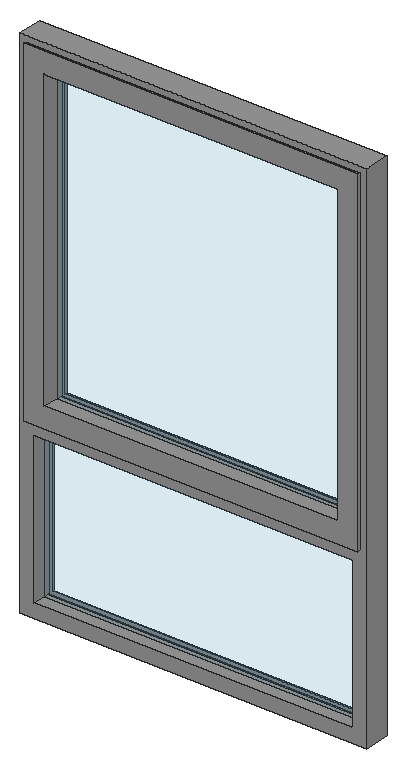
Revit family "Kawneer_Window_GT70s_Pos002", category Windows, host Wall, Revit 2020
Family settings
  Host = Wall
  OmniClass Number = 23.30.20.00
  OmniClass Title = Windows
  Always vertical = Yes
  Cut with Voids When Loaded = No
  Shared = No
  Room Calculation Point = No
Parameters (values of type "1000mm(w)x1500mm(h)")
  _ObjectUserGuide = "www.bimstore.co.uk"
  _DistributedBy = "www.bimstore.co.uk"
  _CurrentRevision = 1
  _CreatedBy = "https://www.bimstore.co/"
  _BimSpecGuid = 0
  _BSBibleVersion = 16
  _AuthorizedBy = "bimstore"
  _Author = "BS"
  WarrantyStartDate [instance] = "Please record on commissioning."
  WarrantyGuarantorParts = "kuk.kawneer@arconic.com"
  WarrantyGuarantorLabor = "kuk.kawneer@arconic.com"
  WarrantyDurationUnit = "Years"
  WarrantyDurationParts = "n/a"
  WarrantyDurationLabor = "n/a"
  WarrantyDescription = "Kawneer Lifetime Guarantee"
  WallThickness [instance] = 300 mm
  URL = "https://www.kawneer.com"
  TypeName = Model  # "GT70s - Pos 002"
  Type Comments = "1000mm(w)x1500mm(h)"
  TopPanel = 600 mm
  SpareParts = "n/a"
  Size = Type Comments  # "1000mm(w)x1500mm(h)"
  Shape = "Rectangle"
  SerialNumber [instance] = "Please record on commissioning."
  Rough Width = system length 1  # 1000 mm
  Rough Height = system length 2  # 1500 mm
  ReplacementCost = "n/a"
  ReferencedStandard = "n/a"
  ProductionYear = "2022"
  OffsetOutward [instance] = if(ExternalRevealDepth > 0 mm, 0 mm, 0 mm - ExternalRevealDepth)  # 0 mm
  OffsetInward [instance] = if(OffsetOutward = 0 mm, ExternalRevealDepth, 0 mm)  # 30 mm
  NominalLength = system length 1  # 1000 mm
  NominalHeight = system length 2  # 1500 mm
  NominalDepth = FrameDepth  # 72 mm
  NBSReference = "45-25-99/310"
  NBSOfficeMasterTag = "n/a"
  NBSObjectName = "Kawneer - Aluminium window units"
  NBSNote = "n/a"
  NBSDescription = "Aluminium window units"
  ModelReference = Type Comments  # "1000mm(w)x1500mm(h)"
  ModelNumber = Model  # "GT70s - Pos 002"
  Model = "GT70s - Pos 002"
  Material = "Aluminium"
  ManufacturerName = "Kawneer UK Limited"
  Manufacturer = "Kawneer UK Limited"
  Keynote = "L10/330"
  JambTolerance = 0 mm
  IronmongeryMaterial [instance] = Aluminum
  InternalRevealThickness = 5 mm
  InternalRevealDepth [instance] = WallThickness - ExternalRevealDepth - FrameDepth  # 198 mm
  InstallationDate [instance] = "Please record on commissioning."
  IfcExportType = "IfcWindowTypeEnum.WINDOW"
  IfcExportAs = "IfcWindow"
  system length 2 = 1500 mm
  HeadTolerance = 0 mm
  HasCill [instance] = no
  Grade = "n/a"
  GlazingThickness = 28 mm  # constant formula
  GlazingMaterial [instance] = Kawneer Glass
  GlassThickness = 6 mm  # constant formula
  GlassOffset_EXT = 7 mm  # constant formula
  FrameWidth = 79 mm  # constant formula
  FrameMaterial [instance] = Aluminum
  Finish = "PPC"
  Features = "n/a"
  ExternalRevealDepth [instance] = 30 mm
  ExpectedLife = 0
  DurationUnit = "Years"
  DocumentationTechnical = "n/a"
  DocumentationMaintenance = "n/a"
  DocumentationLiterature = "https://www.kawneer.com"
  DocumentationInstallationGuide = "n/a"
  DocumentationCertificates = "n/a"
  Description = "Window"
  FrameDepth = 72 mm  # constant formula
  Default Cill Height = 800 mm
  Wall Closure = By host
  system length 1 = 1000 mm
  CreatedOn = "12-09.2022 T09:00:00"
  CreatedBy = "kuk.kawneer@arconic.com"
  Constituents = "n/a"
  Color = "n/a"
  CodePerformance = "n/a"
  ClassificationValue = "Pr_30_59_98_02"
  ClassificationName = "Uniclass2015"
  CillHeight [instance] = if(HasCill, 30 mm, 0 mm)  # 0 mm
  BottomPanel = 500 mm
  BarCode [instance] = "Please record on commissioning."
  BIMObjectName = "Kawneer_Window_GT70s_Pos002"
  AssetType = "Fixed"
  AssetIdentifier [instance] = "n/a"
  Assembly Code = "B2020100"
  AccessibilityPerformance = "n/a"
Values of the unnamed type that differ from the named types
  Wall Closure = (empty or 0)
Reference planes
  plane 1 "Center (Front/Back)": y = 0
  plane 2 "Center (Left/Right)": x = 0
  plane 3 "Left": x = -500
  plane 4 "Right": x = 500
  plane 5 "Sill": z = 800
  plane 6 "Head": z = 2300
  plane 7 "Exterior": y = 150
  plane 8 "Interior": y = -150
  plane 9 "Front": y = 120
  plane 10 "Frame Rear": y = 48
  plane 11 "Base": z = 800
  plane 12 "Offset Inward": y = 120
  plane 13: x = -495
  plane 14: x = 495
  plane 15 "7": z = 2295
  plane 16 "Int Wrap": y = 48
  plane 17 "CL": z = 1550
  plane 18 "JAMB TOL A": x = -500
  plane 19 "JAMB TOL B": x = 500
  plane 20 "HEAD TOL": z = 2300
  plane 21 "HEAD TOL E": z = 2221
  plane 22 "HEAD TOL F": z = 879
  plane 23 "Handle Int": y = 48
Forms (mm)
  Extrusion 1, void
    sketch origin (0, 0, 0) x (1, 0, 0) y (0, 1, 0)
      loop
        line (-495, 48) -> (-495, -150) -> (495, -150) -> (495, 48) -> (-495, 48)
    from 800 to 2295
  Extrusion 2, void
    sketch origin (0, 0, 0) x (1, 0, 0) y (0, 1, 0)
      loop
        line (-500, 150) -> (-500, 48) -> (500, 48) -> (500, 150) -> (-500, 150)
    from 800 to 2300
Lines and regions (mm)
  Masking region 1
    outline origin (-500, 0, 0) x (0, -1, 0) y (0, 0, 1)
      loop
        line (150, 2300) -> (-48, 2300) -> (-48, 2295) -> (150, 2295) -> (150, 2300)
Text (mm)
  text "EXTERIOR" at (-1963.203, 1332.353, 0), in view "Ref. Level"
  text "INTERIOR" at (-1981.466, -818.386, 0), in view "Ref. Level"
  text "Exterior" at (0, 923.751, 2943.296), in view "Right"
  text "Exterior" at (0, 1040.484, 2685.409), in view "Left"
Dimensions and locks
  equal spacing: plane 3 "Left", plane 2 "Center (Left/Right)", plane 4 "Right"
  "system length 1": plane 3 "Left" to plane 4 "Right"
  "system length 2": plane 5 "Sill" to plane 6 "Head"
  "Default Cill Height": plane 5 "Sill" to level
  locked: plane 7 "Exterior" to host wall
  locked: plane 8 "Interior" to host wall
  "FrameDepth": plane 9 "Front" to plane 10 "Frame Rear"
  "OffsetInward": plane 12 "Offset Inward" to plane 7 "Exterior"
  "OffsetOutward": plane 9 "Front" to plane 12 "Offset Inward"
  "InternalRevealThickness": plane 3 "Left" to plane 13
  "InternalRevealThickness": plane 14 to plane 4 "Right"
  "InternalRevealThickness": plane 6 "Head" to plane 15 "7"
  "InternalRevealDepth": plane 8 "Interior" to plane 16 "Int Wrap"
  "WallThickness": host wall to host wall
  equal spacing: plane 5 "Sill", plane 17 "CL", plane 6 "Head"
  "JambTolerance": plane 19 "JAMB TOL B" to plane 4 "Right"
  "JambTolerance": plane 3 "Left" to plane 18 "JAMB TOL A"
  "HeadTolerance": plane 20 "HEAD TOL" to plane 6 "Head"
  "FrameWidth": plane 21 "HEAD TOL E" to plane 20 "HEAD TOL"
  "FrameWidth": plane 11 "Base" to plane 22 "HEAD TOL F"
  "CillHeight": plane 5 "Sill" to plane 11 "Base"
  locked: plane 9 "Front" to plane 23 "Handle Int" at 72
  aligned and locked: Extrusion 1 sketch curve to plane 16 "Int Wrap"
  aligned and locked: Extrusion 1 sketch curve to plane 13
  aligned and locked: Extrusion 1 sketch curve to plane 14
  aligned and locked: Extrusion 1 sketch curve to plane 8 "Interior"
  aligned and locked: Extrusion 1 to plane 15 "7"
  aligned and locked: plane 5 "Sill" to Extrusion 1
  aligned and locked: Extrusion 2 sketch curve to plane 3 "Left"
  aligned and locked: plane 4 "Right" to Extrusion 2 sketch curve
  aligned and locked: plane 16 "Int Wrap" to Extrusion 2 sketch curve
  aligned and locked: Extrusion 2 to plane 6 "Head"
  aligned and locked: plane 5 "Sill" to Extrusion 2
  aligned and locked: plane 7 "Exterior" to Extrusion 2 sketch curve
  aligned and locked: plane 16 "Int Wrap" to Masking region 1 sketch curve
  aligned and locked: plane 15 "7" to Masking region 1 sketch curve
  aligned and locked: Masking region 1 sketch curve to plane 6 "Head"
  aligned and locked: host wall to Masking region 1 sketch curve
  aligned and locked: nested 1 to plane 20 "HEAD TOL"
  aligned and locked: nested 1 to plane 11 "Base"
  aligned and locked: nested 1 to plane 19 "JAMB TOL B"
  aligned and locked: plane 18 "JAMB TOL A" to nested 1
  aligned and locked: plane 9 "Front" to nested 1
Nested families
  nested 1: "Kawneer_GT70s_Pos002" at (500, 120, 1550) x (-1, 0, 0) z (0, 0, 1), FrameMaterial <- "FrameMaterial", GlassMaterial <- "GlazingMaterial", type ""
    with Width 1000 mm, Height 1500 mm, GlassMaterial Kawneer Glass, FrameMaterial Aluminum
Definition of nested family "Kawneer_GT70s_Pos002"
  Parameters (values of type "Kawneer_GT70s_Pos002")
    Width [instance] = 1000 mm
    TopPanel = 600 mm
    Offset = 0 mm
    Height [instance] = 1500 mm
    GlassMaterial [instance] = none
    GPane = 6 mm
    FrameMaterial [instance] = none
    Default Elevation = 0 mm
    BottomPanel = 500 mm
  Reference planes
    plane 1 "Center (Front/Back)": y = 0
    plane 2: z = 0
    plane 3 "Center (Left/Right)": x = 0
    plane 4 "Frame Front": y = 0
    plane 5 "Frame": y = 72
    plane 6: x = 1000
    plane 7: z = 750
    plane 8: z = -750
    plane 9 "Glass Front": y = 7
    plane 10: y = 13
    plane 11: y = 29
    plane 12: y = 35
    plane 13 "CL": x = 500
    plane 14: x = 67
    plane 15: x = 933.002
    plane 16: z = 683.002
    plane 17: z = -721
    plane 18: z = -250
    plane 19: z = -195.002
    plane 20: z = -267
    plane 21: x = 971
    plane 22: x = 29
    plane 23: z = 244
  Forms (mm)
    Extrusion 1, solid, material <- "GlassMaterial"
      sketch origin (0, 0, 0) x (1, 0, 0) y (0, 1, 0)
        loop
          line (67, 35) -> (67, 29) -> (933.002, 29) -> (933.002, 35) -> (67, 35)
        loop
          line (67, 13) -> (67, 7) -> (933.002, 7) -> (933.002, 13) -> (67, 13)
      from -195.002 to 683.002
    Sweep 2, solid, material <- "FrameMaterial"
      path origin (0, 0, 0) x (-1, 0, 0) y (0, 0, 1)
        loop
          line (0, -267) -> (0, 750) -> (-1000, 750) -> (-1000, -267)
      profile "Kawneer_GT70s_JambFixed_Profile : Kawneer_GT70s_JambFixed_Profile" origin (1000, 0, 241.5) x (-1, 0, 0) y (0, 1, 0)
        loop
          line (0, 72) -> (0, 0) -> (39, 0) -> (39, 4) -> (24, 4) -> (24, 72) -> (0, 72)
    Sweep 3, solid, material <- "FrameMaterial"
      path origin (0, 7, 0) x (-1, 0, 0) y (0, 0, 1)
        loop
          line (-933.002, 683.002) -> (-933.002, -195.002) -> (-67, -195.002) -> (-67, 683.002) -> (-933.002, 683.002)
      profile "Kawneer_GT70s_OpenVent2_Profile : Kawneer_GT70s_OpenVent2_Profile" origin (933.002, 7, 244) x (-1, 0, 0) y (0, 1, 0)
        loop
          line (-48.998, 65) -> (-42.998, 65) -> (-42.998, -2.3) -> (-15.998, -2.3) -> (-15.998, -7) -> (9.002, -7) -> (9.002, 0) -> (0, 0) -> (0, 28) -> (9.002, 28) -> (9.002, 73) -> (-48.998, 73) -> (-48.998, 65)
    Sweep 4, solid, material <- "FrameMaterial"
      path origin (0, 0, 0) x (-1, 0, 0) y (0, 0, 1)
        loop
          line (0, -250) -> (-1000, -250)
      profile "Kawneer_GT70s_Mull_Profile : Kawneer_GT70s_Mull_Profile" origin (500, 0, -250) x (0, 0, -1) y (0, 1, 0)
        loop
          line (-23.5, 72) -> (-23.5, 50) -> (-24.35, 50) -> (-24.35, 5.988) -> (-27, 5.988) -> (-27, 0) -> (27, 0) -> (27, 7) -> (17, 7) -> (17, 35) -> (27, 35) -> (27, 72) -> (-23.5, 72)
    Sweep 5, solid, material <- "FrameMaterial"
      path origin (0, 0, 0) x (-1, 0, 0) y (0, 0, 1)
        loop
          line (-1000, -267) -> (-1000, -750) -> (0, -750) -> (0, -267)
      profile "Kawneer_GT70s_JambFixed2_Profile : Kawneer_GT70s_JambFixed2_Profile" origin (1000, 0, -508.5) x (-1, 0, 0) y (0, 1, 0)
        loop
          line (0, 72) -> (0, 0) -> (39, 0) -> (39, 4) -> (29, 4) -> (29, 35) -> (39, 35) -> (39, 72) -> (0, 72)
    Extrusion 6, solid, material <- "GlassMaterial"
      sketch origin (0, 0, -2200) x (1, 0, 0) y (0, 1, 0)
        loop
          line (29, 35) -> (29, 29) -> (971, 29) -> (971, 35) -> (29, 35)
        loop
          line (29, 13) -> (29, 7) -> (971, 7) -> (971, 13) -> (29, 13)
      from 1479 to 1933
  Cuts and joins
    joined: Sweep 2, Sweep 4, Sweep 5
  Lines and regions (mm)
    symbolic lines
      curve 1: line (76.002, 7, 674) -> (500.001, 7, -186)
      curve 2: line (500.001, 7, -186) -> (924, 7, 674)
      curve 3: line (924, 7, 674) -> (76.002, 7, 244)
      curve 4: line (76.002, 7, 244) -> (924, 7, -186)
  Dimensions and locks
    equal spacing: plane 7, level, plane 8
    "Height": plane 7 to plane 8
    "Width": plane 6 to plane 3 "Center (Left/Right)"
    locked: plane 5 "Frame" to plane 4 "Frame Front" at 72
    "Offset": plane 4 "Frame Front" to plane 1 "Center (Front/Back)"
    equal spacing: plane 6, plane 13 "CL", plane 3 "Center (Left/Right)"
    locked: plane 9 "Glass Front" to plane 4 "Frame Front" at 7
    locked: plane 12 to plane 9 "Glass Front" at 28
    "GPane": plane 12 to plane 11
    "GPane": plane 10 to plane 9 "Glass Front"
    locked: plane 14 to plane 3 "Center (Left/Right)" at 67
    locked: plane 6 to plane 15 at 66.998
    locked: plane 7 to plane 16 at 66.998
    locked: plane 17 to plane 8 at 29
    "BottomPanel": plane 18 to plane 8
    locked: plane 19 to plane 18 at 54.998
    locked: plane 18 to plane 20 at 17
    locked: plane 22 to plane 3 "Center (Left/Right)" at 29
    locked: plane 6 to plane 21 at 29
    equal spacing: plane 16, plane 23, plane 19
    aligned and locked: level to plane 2
    aligned and locked: Extrusion 1 sketch curve to plane 12
    aligned and locked: Extrusion 1 sketch curve to plane 10
    aligned and locked: plane 14 to Extrusion 1 sketch curve  (x2)
    aligned and locked: plane 6 to Sweep 2 sketch curve
    aligned and locked: plane 7 to Sweep 2 sketch curve
    aligned and locked: plane 3 "Center (Left/Right)" to Sweep 2 sketch curve
    aligned and locked: plane 16 to Extrusion 1
    aligned and locked: plane 15 to Sweep 3 sketch curve
    aligned and locked: plane 16 to Sweep 3 sketch curve
    aligned and locked: Sweep 3 sketch curve to plane 14
    aligned and locked: Sweep 3 sketch curve to plane 19
    aligned and locked: Extrusion 1 sketch curve to plane 15  (x2)
    aligned and locked: plane 4 "Frame Front" to nested 1
    aligned and locked: nested 1 to plane 18
    aligned and locked: Extrusion 1 to plane 19
    aligned and locked: plane 18 to Sweep 4 sketch curve
    aligned and locked: plane 3 "Center (Left/Right)" to Sweep 4 sketch curve
    aligned and locked: plane 6 to Sweep 4 sketch curve
    aligned and locked: plane 6 to nested 2
    aligned and locked: plane 4 "Frame Front" to nested 2
    aligned and locked: plane 20 to Sweep 2 sketch curve
    aligned and locked: plane 6 to Sweep 5 sketch curve
    aligned and locked: plane 8 to Sweep 5 sketch curve
    aligned and locked: plane 3 "Center (Left/Right)" to Sweep 5 sketch curve
    aligned and locked: plane 20 to Sweep 5 sketch curve  (x2)
    aligned and locked: plane 20 to Extrusion 6
    aligned and locked: Extrusion 6 to plane 17
    aligned and locked: plane 21 to Extrusion 6 sketch curve  (x2)
    aligned and locked: plane 22 to Extrusion 6 sketch curve  (x2)
    aligned and locked: nested 3 to plane 8
    aligned and locked: nested 3 to plane 4 "Frame Front"
    aligned and locked: nested 4 to plane 7
    aligned and locked: plane 4 "Frame Front" to nested 4
    aligned and locked: plane 3 "Center (Left/Right)" to nested 5
    aligned and locked: nested 5 to plane 4 "Frame Front"
  Automatic sketch dimensions
    Extrusion 1 sketch curve to plane 9 "Glass Front" = 0 mm
    Extrusion 1 sketch curve to plane 11 = 0 mm
    Sweep 2 sketch curve to plane 20 = 0 mm
    Extrusion 6 sketch curve to plane 12 = 0 mm
    Extrusion 6 sketch curve to plane 10 = 0 mm
    Extrusion 6 sketch curve to plane 11 = 0 mm
    Extrusion 6 sketch curve to plane 9 "Glass Front" = 0 mm
    curve 3 to plane 23 = 0 mm
    curve 3 to plane 15 = 9.002 mm
    plane 13 "CL" to curve 2 = 0.001 mm
    plane 19 to curve 2 = 9.002 mm
    curve 3 to plane 16 = 9.002 mm
    curve 4 to plane 15 = 9.002 mm
    plane 14 to curve 4 = 9.002 mm
    plane 14 to curve 1 = 9.002 mm
    plane 19 to curve 4 = 9.002 mm
    curve 1 to plane 16 = 9.002 mm
  Nested families
    nested 1: "Kawneer_GT70s_Trans" at (0, 0, -250) x (0, 1, 0) z (1, 0, 0), type "Jamb"
    nested 2: "Kawneer_GT70s_Jamb2" at (1000, 72, 0), type "Jamb Open"
      with Open yes
    nested 3: "Kawneer_GT70s_JambFixed" at (0, 72, -750) x (0, 0, -1) z (1, 0, 0), type "Jamb"
    nested 4: "Kawneer_GT70s_Jamb2" at (0, 72, 750) x (0, 0, 1) z (1, 0, 0), type ""
      with Open yes
    nested 5: "Kawneer_GT70s_Jamb2" at (0, 72, 0) x (-1, 0, 0) z (0, 0, 1), type ""
      with Open yes
  Definition of nested family "Kawneer_GT70s_Trans"
    Reference planes
      plane 1 "Center (Front/Back)": y = 0
      plane 2: z = 0
      plane 3 "Center (Left/Right)": x = 0
      plane 4: x = 72
      plane 5: y = 54.998
      plane 6: y = -17
      plane 7: x = 7
      plane 8: x = 35
    Lines and regions (mm)
      model lines, in view "Ref. Level", detail levels fine
        curve 1: arc (30.701, 41.35, 0) -> (31.601, 42.25, 0) -> (32.501, 41.35, 0) r 0.9
        curve 2: arc (34.7, 33.75, 0) -> (33.8, 32.85, 0) -> (32.9, 33.75, 0) r 0.9
        curve 3: arc (9.331, 44.498, 0) -> (9.184, 44.144, 0) -> (8.831, 43.998, 0) r 0.5
        curve 4: arc (9.331, 48.498, 0) -> (9.477, 48.851, 0) -> (9.831, 48.998, 0) r 0.5
        curve 5: arc (20.331, 48.998, 0) -> (20.684, 48.851, 0) -> (20.831, 48.498, 0) r 0.5
        curve 6: arc (21.331, 43.998, 0) -> (20.977, 44.144, 0) -> (20.831, 44.498, 0) r 0.5
        curve 7: arc (22.831, 48.498, 0) -> (22.977, 48.851, 0) -> (23.331, 48.998, 0) r 0.5
        curve 8: arc (22.831, 44.498, 0) -> (22.684, 44.144, 0) -> (22.331, 43.998, 0) r 0.5
        curve 9: arc (58.331, 43.998, 0) -> (57.977, 44.144, 0) -> (57.831, 44.498, 0) r 0.5
        curve 10: arc (57.331, 48.998, 0) -> (57.684, 48.851, 0) -> (57.831, 48.498, 0) r 0.5
        curve 11: arc (62.331, 44.498, 0) -> (62.184, 44.144, 0) -> (61.831, 43.998, 0) r 0.5
        curve 12: arc (61.831, 46.498, 0) -> (62.184, 46.351, 0) -> (62.331, 45.998, 0) r 0.5
        curve 13: arc (60.331, 46.498, 0) -> (59.977, 46.644, 0) -> (59.831, 46.998, 0) r 0.5
        curve 14: spline (36.061, 61.861, 0) -> (35.901, 61.983, 0) -> (35.751, 62.115, 0) -> (35.613, 62.258, 0) -> (35.488, 62.41, 0) -> (35.375, 62.571, 0) -> (35.276, 62.739, 0) -> (35.191, 62.913, 0) -> (35.121, 63.093, 0) -> (35.066, 63.277, 0) -> (35.027, 63.465, 0) -> (35.003, 63.655, 0) -> (34.995, 63.846, 0)
        curve 15: spline (36.342, 61.658, 0) -> (36.513, 61.512, 0) -> (36.659, 61.345, 0) -> (36.778, 61.161, 0) -> (36.867, 60.964, 0) -> (36.925, 60.756, 0) -> (36.95, 60.543, 0) -> (36.942, 60.329, 0) -> (36.901, 60.119, 0) -> (36.828, 59.916, 0) -> (36.724, 59.724, 0) -> (36.591, 59.548, 0) -> (36.433, 59.391, 0)
        curve 16: spline (34.995, 57.288, 0) -> (35, 57.424, 0) -> (35.015, 57.56, 0) -> (35.04, 57.695, 0) -> (35.076, 57.828, 0) -> (35.121, 57.958, 0) -> (35.175, 58.085, 0) -> (35.239, 58.209, 0) -> (35.312, 58.328, 0) -> (35.393, 58.442, 0) -> (35.483, 58.551, 0) -> (35.581, 58.654, 0) -> (35.686, 58.751, 0)
        curve 17: spline (36.283, 55.369, 0) -> (36.23, 55.231, 0) -> (36.143, 55.11, 0) -> (36.026, 55.012, 0) -> (35.887, 54.942, 0) -> (35.734, 54.905, 0) -> (35.575, 54.904, 0) -> (35.421, 54.937, 0) -> (35.28, 55.004, 0) -> (35.161, 55.1, 0) -> (35.071, 55.219, 0) -> (35.014, 55.355, 0) -> (34.995, 55.5, 0)
        curve 18: spline (36.283, 55.369, 0) -> (36.338, 55.564, 0) -> (36.408, 55.755, 0) -> (36.491, 55.941, 0) -> (36.587, 56.122, 0) -> (36.696, 56.296, 0) -> (36.818, 56.464, 0) -> (36.952, 56.623, 0) -> (37.097, 56.774, 0) -> (37.253, 56.916, 0) -> (37.418, 57.047, 0) -> (37.593, 57.168, 0) -> (37.777, 57.278, 0)
        curve 19: spline (39.579, 58.387, 0) -> (39.433, 58.289, 0) -> (39.286, 58.192, 0) -> (39.139, 58.096, 0) -> (38.99, 58.001, 0) -> (38.841, 57.907, 0) -> (38.691, 57.814, 0) -> (38.541, 57.722, 0) -> (38.389, 57.631, 0) -> (38.237, 57.541, 0) -> (38.085, 57.453, 0) -> (37.931, 57.365, 0) -> (37.777, 57.278, 0)
        curve 20: spline (39.88, 58.758, 0) -> (39.865, 58.722, 0) -> (39.847, 58.686, 0) -> (39.828, 58.651, 0) -> (39.807, 58.617, 0) -> (39.784, 58.584, 0) -> (39.759, 58.552, 0) -> (39.733, 58.521, 0) -> (39.705, 58.492, 0) -> (39.676, 58.464, 0) -> (39.645, 58.437, 0) -> (39.612, 58.411, 0) -> (39.579, 58.387, 0)
        curve 21: spline (40.508, 60.918, 0) -> (40.534, 60.907, 0) -> (40.558, 60.893, 0) -> (40.579, 60.877, 0) -> (40.598, 60.858, 0) -> (40.614, 60.837, 0) -> (40.628, 60.814, 0) -> (40.638, 60.79, 0) -> (40.644, 60.765, 0) -> (40.647, 60.739, 0) -> (40.646, 60.713, 0) -> (40.642, 60.688, 0) -> (40.634, 60.663, 0)
        curve 22: spline (40.175, 60.973, 0) -> (40.15, 60.978, 0) -> (40.126, 60.986, 0) -> (40.104, 60.997, 0) -> (40.082, 61.01, 0) -> (40.063, 61.025, 0) -> (40.046, 61.041, 0) -> (40.031, 61.06, 0) -> (40.018, 61.08, 0) -> (40.008, 61.102, 0) -> (40.001, 61.124, 0) -> (39.996, 61.147, 0) -> (39.995, 61.17, 0)
        curve 23: spline (39.995, 63.332, 0) -> (40.003, 63.443, 0) -> (40.028, 63.552, 0) -> (40.07, 63.656, 0) -> (40.126, 63.755, 0) -> (40.197, 63.845, 0) -> (40.281, 63.925, 0) -> (40.377, 63.994, 0) -> (40.481, 64.05, 0) -> (40.593, 64.092, 0) -> (40.711, 64.119, 0) -> (40.831, 64.131, 0) -> (40.952, 64.127, 0)
        curve 24: spline (42.681, 64.432, 0) -> (42.704, 64.381, 0) -> (42.716, 64.326, 0) -> (42.716, 64.271, 0) -> (42.706, 64.216, 0) -> (42.685, 64.164, 0) -> (42.653, 64.117, 0) -> (42.613, 64.075, 0) -> (42.565, 64.041, 0) -> (42.511, 64.016, 0) -> (42.453, 64.001, 0) -> (42.393, 63.995, 0) -> (42.333, 64, 0)
        curve 25: spline (41.528, 65.481, 0) -> (41.65, 65.421, 0) -> (41.767, 65.356, 0) -> (41.881, 65.285, 0) -> (41.99, 65.209, 0) -> (42.095, 65.127, 0) -> (42.196, 65.041, 0) -> (42.291, 64.95, 0) -> (42.38, 64.854, 0) -> (42.465, 64.754, 0) -> (42.543, 64.651, 0) -> (42.615, 64.543, 0) -> (42.681, 64.432, 0)
        curve 26: spline (39.168, 66.268, 0) -> (39.371, 66.222, 0) -> (39.574, 66.172, 0) -> (39.775, 66.119, 0) -> (39.976, 66.062, 0) -> (40.175, 66.001, 0) -> (40.373, 65.937, 0) -> (40.569, 65.87, 0) -> (40.764, 65.799, 0) -> (40.958, 65.724, 0) -> (41.15, 65.646, 0) -> (41.34, 65.565, 0) -> (41.528, 65.481, 0)
        curve 27: spline (39.168, 66.268, 0) -> (38.992, 66.31, 0) -> (38.819, 66.358, 0) -> (38.648, 66.413, 0) -> (38.479, 66.475, 0) -> (38.313, 66.543, 0) -> (38.151, 66.617, 0) -> (37.992, 66.697, 0) -> (37.837, 66.784, 0) -> (37.686, 66.876, 0) -> (37.54, 66.974, 0) -> (37.398, 67.078, 0) -> (37.26, 67.186, 0)
        curve 28: spline (36.56, 66.756, 0) -> (36.538, 66.841, 0) -> (36.537, 66.929, 0) -> (36.557, 67.015, 0) -> (36.597, 67.095, 0) -> (36.655, 67.165, 0) -> (36.728, 67.222, 0) -> (36.813, 67.262, 0) -> (36.905, 67.285, 0) -> (37.001, 67.288, 0) -> (37.095, 67.272, 0) -> (37.183, 67.238, 0) -> (37.26, 67.186, 0)
        curve 29: spline (38.088, 64.522, 0) -> (37.921, 64.682, 0) -> (37.761, 64.847, 0) -> (37.607, 65.018, 0) -> (37.46, 65.194, 0) -> (37.321, 65.375, 0) -> (37.189, 65.56, 0) -> (37.064, 65.75, 0) -> (36.947, 65.944, 0) -> (36.838, 66.142, 0) -> (36.737, 66.343, 0) -> (36.644, 66.548, 0) -> (36.56, 66.756, 0)
        curve 30: spline (38.088, 64.522, 0) -> (38.232, 64.336, 0) -> (38.304, 64.118, 0) -> (38.295, 63.89, 0) -> (38.208, 63.677, 0) -> (38.05, 63.501, 0) -> (37.84, 63.38, 0) -> (37.598, 63.329, 0) -> (37.352, 63.351, 0) -> (37.126, 63.446, 0) -> (36.945, 63.601, 0) -> (36.829, 63.803, 0) -> (36.788, 64.027, 0)
        curve 31: spline (36.039, 67.154, 0) -> (36.146, 67.067, 0) -> (36.246, 66.973, 0) -> (36.339, 66.873, 0) -> (36.424, 66.768, 0) -> (36.501, 66.657, 0) -> (36.57, 66.542, 0) -> (36.63, 66.423, 0) -> (36.68, 66.3, 0) -> (36.722, 66.174, 0) -> (36.754, 66.046, 0) -> (36.776, 65.916, 0) -> (36.788, 65.785, 0)
        curve 32: spline (36.039, 67.154, 0) -> (36.024, 67.166, 0) -> (36.01, 67.178, 0) -> (35.996, 67.191, 0) -> (35.982, 67.203, 0) -> (35.968, 67.216, 0) -> (35.954, 67.228, 0) -> (35.941, 67.241, 0) -> (35.927, 67.254, 0) -> (35.914, 67.267, 0) -> (35.9, 67.28, 0) -> (35.887, 67.293, 0) -> (35.874, 67.307, 0)
        curve 33: spline (35.522, 67.611, 0) -> (35.554, 67.588, 0) -> (35.585, 67.564, 0) -> (35.616, 67.541, 0) -> (35.646, 67.516, 0) -> (35.676, 67.491, 0) -> (35.706, 67.466, 0) -> (35.735, 67.441, 0) -> (35.764, 67.415, 0) -> (35.792, 67.388, 0) -> (35.82, 67.361, 0) -> (35.847, 67.334, 0) -> (35.874, 67.307, 0)
        curve 34: spline (34.995, 67.375, 0) -> (35.001, 67.431, 0) -> (35.017, 67.484, 0) -> (35.045, 67.534, 0) -> (35.081, 67.579, 0) -> (35.127, 67.616, 0) -> (35.178, 67.645, 0) -> (35.235, 67.665, 0) -> (35.295, 67.674, 0) -> (35.356, 67.674, 0) -> (35.415, 67.662, 0) -> (35.471, 67.641, 0) -> (35.522, 67.611, 0)
        curve 35: spline (36.649, -24.891, 0) -> (36.397, -25.086, 0) -> (36.162, -25.298, 0) -> (35.945, -25.527, 0) -> (35.747, -25.77, 0) -> (35.57, -26.026, 0) -> (35.414, -26.295, 0) -> (35.281, -26.574, 0) -> (35.17, -26.861, 0) -> (35.084, -27.156, 0) -> (35.022, -27.456, 0) -> (34.984, -27.759, 0) -> (34.972, -28.064, 0)
        curve 36: spline (36.649, -24.891, 0) -> (36.8, -24.752, 0) -> (36.931, -24.596, 0) -> (37.04, -24.426, 0) -> (37.124, -24.245, 0) -> (37.184, -24.055, 0) -> (37.216, -23.859, 0) -> (37.222, -23.661, 0) -> (37.201, -23.464, 0) -> (37.153, -23.272, 0) -> (37.079, -23.086, 0) -> (36.98, -22.911, 0) -> (36.858, -22.749, 0)
        curve 37: spline (34.972, -17.697, 0) -> (34.983, -18.151, 0) -> (35.022, -18.604, 0) -> (35.088, -19.054, 0) -> (35.181, -19.501, 0) -> (35.302, -19.941, 0) -> (35.449, -20.374, 0) -> (35.622, -20.799, 0) -> (35.821, -21.214, 0) -> (36.045, -21.618, 0) -> (36.293, -22.009, 0) -> (36.564, -22.387, 0) -> (36.858, -22.749, 0)
        curve 38: spline (36.224, -17.509, 0) -> (36.16, -17.382, 0) -> (36.066, -17.273, 0) -> (35.947, -17.186, 0) -> (35.811, -17.128, 0) -> (35.663, -17.102, 0) -> (35.513, -17.108, 0) -> (35.368, -17.146, 0) -> (35.237, -17.214, 0) -> (35.127, -17.31, 0) -> (35.043, -17.426, 0) -> (34.99, -17.557, 0) -> (34.972, -17.697, 0)
        curve 39: spline (36.224, -17.509, 0) -> (36.347, -17.816, 0) -> (36.491, -18.115, 0) -> (36.656, -18.404, 0) -> (36.841, -18.683, 0) -> (37.044, -18.95, 0) -> (37.267, -19.204, 0) -> (37.506, -19.444, 0) -> (37.762, -19.668, 0) -> (38.033, -19.877, 0) -> (38.318, -20.068, 0) -> (38.616, -20.242, 0) -> (38.926, -20.397, 0)
        curve 40: spline (38.926, -20.397, 0) -> (39.068, -20.462, 0) -> (39.211, -20.527, 0) -> (39.355, -20.59, 0) -> (39.499, -20.653, 0) -> (39.643, -20.716, 0) -> (39.787, -20.777, 0) -> (39.932, -20.838, 0) -> (40.078, -20.897, 0) -> (40.224, -20.956, 0) -> (40.37, -21.015, 0) -> (40.516, -21.072, 0) -> (40.663, -21.129, 0)
        curve 41: spline (41.06, -21.736, 0) -> (41.062, -21.673, 0) -> (41.057, -21.609, 0) -> (41.045, -21.547, 0) -> (41.026, -21.486, 0) -> (41.001, -21.427, 0) -> (40.968, -21.371, 0) -> (40.93, -21.319, 0) -> (40.886, -21.271, 0) -> (40.837, -21.227, 0) -> (40.783, -21.189, 0) -> (40.724, -21.156, 0) -> (40.663, -21.129, 0)
        curve 42: spline (40.992, -22.46, 0) -> (40.991, -22.479, 0) -> (40.991, -22.499, 0) -> (40.993, -22.518, 0) -> (40.996, -22.538, 0) -> (41, -22.557, 0) -> (41.006, -22.576, 0) -> (41.013, -22.594, 0) -> (41.021, -22.613, 0) -> (41.031, -22.63, 0) -> (41.041, -22.647, 0) -> (41.053, -22.663, 0) -> (41.066, -22.679, 0)
        curve 43: spline (41.588, -23.611, 0) -> (41.622, -23.589, 0) -> (41.652, -23.563, 0) -> (41.677, -23.533, 0) -> (41.697, -23.5, 0) -> (41.711, -23.464, 0) -> (41.72, -23.427, 0) -> (41.722, -23.389, 0) -> (41.718, -23.351, 0) -> (41.708, -23.314, 0) -> (41.692, -23.279, 0) -> (41.67, -23.246, 0) -> (41.644, -23.217, 0)
        curve 44: spline (41.133, -23.856, 0) -> (41.109, -23.87, 0) -> (41.087, -23.886, 0) -> (41.066, -23.904, 0) -> (41.047, -23.923, 0) -> (41.03, -23.944, 0) -> (41.015, -23.966, 0) -> (41.002, -23.989, 0) -> (40.991, -24.013, 0) -> (40.983, -24.038, 0) -> (40.977, -24.064, 0) -> (40.973, -24.09, 0) -> (40.972, -24.116, 0)
        curve 45: spline (40.972, -26.894, 0) -> (40.975, -26.936, 0) -> (40.984, -26.976, 0) -> (40.999, -27.015, 0) -> (41.02, -27.052, 0) -> (41.046, -27.085, 0) -> (41.076, -27.115, 0) -> (41.111, -27.141, 0) -> (41.149, -27.162, 0) -> (41.19, -27.178, 0) -> (41.233, -27.189, 0) -> (41.277, -27.194, 0) -> (41.321, -27.193, 0)
        curve 46: spline (44.026, -27.492, 0) -> (44.065, -27.441, 0) -> (44.092, -27.383, 0) -> (44.106, -27.322, 0) -> (44.105, -27.259, 0) -> (44.091, -27.198, 0) -> (44.063, -27.141, 0) -> (44.023, -27.091, 0) -> (43.973, -27.049, 0) -> (43.914, -27.018, 0) -> (43.85, -26.999, 0) -> (43.784, -26.993, 0) -> (43.717, -27, 0)
        curve 47: spline (42.553, -28.487, 0) -> (42.692, -28.428, 0) -> (42.829, -28.364, 0) -> (42.963, -28.296, 0) -> (43.094, -28.223, 0) -> (43.223, -28.146, 0) -> (43.348, -28.064, 0) -> (43.47, -27.979, 0) -> (43.589, -27.889, 0) -> (43.704, -27.795, 0) -> (43.815, -27.698, 0) -> (43.923, -27.597, 0) -> (44.026, -27.492, 0)
        curve 48: spline (39.916, -29.118, 0) -> (40.141, -29.09, 0) -> (40.366, -29.057, 0) -> (40.59, -29.019, 0) -> (40.813, -28.978, 0) -> (41.035, -28.931, 0) -> (41.256, -28.881, 0) -> (41.476, -28.826, 0) -> (41.694, -28.767, 0) -> (41.911, -28.703, 0) -> (42.127, -28.635, 0) -> (42.341, -28.563, 0) -> (42.553, -28.487, 0)
        curve 49: spline (39.916, -29.118, 0) -> (39.666, -29.15, 0) -> (39.417, -29.187, 0) -> (39.169, -29.23, 0) -> (38.922, -29.278, 0) -> (38.677, -29.331, 0) -> (38.432, -29.39, 0) -> (38.19, -29.454, 0) -> (37.949, -29.524, 0) -> (37.71, -29.599, 0) -> (37.473, -29.679, 0) -> (37.238, -29.764, 0) -> (37.005, -29.855, 0)
        curve 50: spline (36.414, -29.415, 0) -> (36.407, -29.486, 0) -> (36.414, -29.558, 0) -> (36.434, -29.627, 0) -> (36.468, -29.692, 0) -> (36.513, -29.75, 0) -> (36.569, -29.8, 0) -> (36.633, -29.839, 0) -> (36.704, -29.868, 0) -> (36.779, -29.884, 0) -> (36.856, -29.887, 0) -> (36.932, -29.877, 0) -> (37.005, -29.855, 0)
        curve 51: spline (38.589, -27.268, 0) -> (38.332, -27.353, 0) -> (38.083, -27.458, 0) -> (37.844, -27.583, 0) -> (37.618, -27.726, 0) -> (37.406, -27.887, 0) -> (37.209, -28.064, 0) -> (37.029, -28.255, 0) -> (36.867, -28.461, 0) -> (36.724, -28.678, 0) -> (36.601, -28.906, 0) -> (36.5, -29.143, 0) -> (36.421, -29.387, 0)
        curve 52: spline (38.589, -27.268, 0) -> (38.759, -27.192, 0) -> (38.899, -27.074, 0) -> (38.995, -26.923, 0) -> (39.04, -26.752, 0) -> (39.031, -26.576, 0) -> (38.967, -26.411, 0) -> (38.855, -26.27, 0) -> (38.703, -26.165, 0) -> (38.526, -26.106, 0) -> (38.338, -26.097, 0) -> (38.155, -26.14, 0) -> (37.993, -26.23, 0)
        curve 53: spline (37.993, -26.23, 0) -> (37.886, -26.307, 0) -> (37.783, -26.39, 0) -> (37.685, -26.477, 0) -> (37.591, -26.568, 0) -> (37.502, -26.664, 0) -> (37.419, -26.763, 0) -> (37.34, -26.866, 0) -> (37.267, -26.973, 0) -> (37.2, -27.083, 0) -> (37.139, -27.196, 0) -> (37.083, -27.311, 0) -> (37.034, -27.429, 0)
        curve 54: spline (37.034, -27.429, 0) -> (36.928, -27.679, 0) -> (36.83, -27.932, 0) -> (36.739, -28.187, 0) -> (36.655, -28.444, 0) -> (36.579, -28.703, 0) -> (36.51, -28.964, 0) -> (36.448, -29.226, 0) -> (36.395, -29.49, 0) -> (36.349, -29.755, 0) -> (36.31, -30.022, 0) -> (36.279, -30.289, 0) -> (36.256, -30.557, 0)
        curve 55: spline (34.972, -30.517, 0) -> (34.993, -30.669, 0) -> (35.055, -30.811, 0) -> (35.153, -30.934, 0) -> (35.281, -31.029, 0) -> (35.431, -31.092, 0) -> (35.593, -31.116, 0) -> (35.757, -31.102, 0) -> (35.911, -31.049, 0) -> (36.046, -30.962, 0) -> (36.153, -30.845, 0) -> (36.224, -30.707, 0) -> (36.256, -30.557, 0)
        curve 56: arc (1.4, 3.5, 0) -> (1.459, 3.641, 0) -> (1.6, 3.7, 0) r 0.2
        curve 57: arc (1.8, 3.9, 0) -> (1.741, 3.759, 0) -> (1.6, 3.7, 0) r 0.2
        curve 58: arc (1.8, 5, 0) -> (1.859, 5.141, 0) -> (2, 5.2, 0) r 0.2
        curve 59: arc (3.3, 5.4, 0) -> (3.241, 5.259, 0) -> (3.1, 5.2, 0) r 0.2
        curve 60: arc (3.3, 5.4, 0) -> (3.359, 5.541, 0) -> (3.5, 5.6, 0) r 0.2
        curve 61: arc (14.8, 5.6, 0) -> (14.941, 5.541, 0) -> (15, 5.4, 0) r 0.2
        curve 62: arc (15.2, 5.2, 0) -> (15.059, 5.259, 0) -> (15, 5.4, 0) r 0.2
        curve 63: arc (16.3, 5.2, 0) -> (16.441, 5.141, 0) -> (16.5, 5, 0) r 0.2
        curve 64: arc (16.7, 3.7, 0) -> (16.559, 3.759, 0) -> (16.5, 3.9, 0) r 0.2
        curve 65: arc (16.7, 3.7, 0) -> (16.841, 3.641, 0) -> (16.9, 3.5, 0) r 0.2
        curve 66: arc (16.9, -3.5, 0) -> (16.841, -3.641, 0) -> (16.7, -3.7, 0) r 0.2
        curve 67: arc (16.5, -3.9, 0) -> (16.559, -3.759, 0) -> (16.7, -3.7, 0) r 0.2
        curve 68: arc (16.5, -5, 0) -> (16.441, -5.141, 0) -> (16.3, -5.2, 0) r 0.2
        curve 69: arc (15.087, -5.4, 0) -> (15.146, -5.259, 0) -> (15.287, -5.2, 0) r 0.2
        curve 70: arc (15.087, -5.4, 0) -> (15.029, -5.541, 0) -> (14.887, -5.6, 0) r 0.2
        curve 71: arc (3.413, -5.6, 0) -> (3.271, -5.541, 0) -> (3.213, -5.4, 0) r 0.2
        curve 72: arc (3.013, -5.2, 0) -> (3.154, -5.259, 0) -> (3.213, -5.4, 0) r 0.2
        curve 73: arc (2, -5.2, 0) -> (1.859, -5.141, 0) -> (1.8, -5, 0) r 0.2
        curve 74: arc (1.6, -3.7, 0) -> (1.741, -3.759, 0) -> (1.8, -3.9, 0) r 0.2
        curve 75: arc (1.6, -3.7, 0) -> (1.459, -3.641, 0) -> (1.4, -3.5, 0) r 0.2
        curve 76: arc (0.5, -27, 0) -> (0.146, -26.854, 0) -> (0, -26.5, 0) r 0.5
        curve 77: arc (4, -26.5, 0) -> (3.854, -26.854, 0) -> (3.5, -27, 0) r 0.5
        curve 78: arc (3.5, -24.5, 0) -> (3.854, -24.646, 0) -> (4, -25, 0) r 0.5
        curve 79: arc (3, -24.7, 0) -> (3.059, -24.559, 0) -> (3.2, -24.5, 0) r 0.2
        curve 80: arc (3, -25.3, 0) -> (2.854, -25.654, 0) -> (2.5, -25.8, 0) r 0.5
        curve 81: arc (1.9, -25.8, 0) -> (1.546, -25.654, 0) -> (1.4, -25.3, 0) r 0.5
        curve 82: arc (1.4, -20.7, 0) -> (1.546, -20.346, 0) -> (1.9, -20.2, 0) r 0.5
        curve 83: arc (2.5, -20.2, 0) -> (2.854, -20.346, 0) -> (3, -20.7, 0) r 0.5
        curve 84: arc (3.2, -21.5, 0) -> (3.059, -21.441, 0) -> (3, -21.3, 0) r 0.2
        curve 85: arc (4, -21, 0) -> (3.854, -21.354, 0) -> (3.5, -21.5, 0) r 0.5
        curve 86: arc (3.2, -17.9, 0) -> (3.6, -17.5, 0) -> (4, -17.9, 0) r 0.4
        curve 87: arc (3.2, -18.8, 0) -> (3.141, -18.941, 0) -> (3, -19, 0) r 0.2
        curve 88: arc (2.1, -19, 0) -> (1.746, -18.854, 0) -> (1.6, -18.5, 0) r 0.5
        curve 89: arc (1.789, -7.489, 0) -> (1.939, -7.143, 0) -> (2.289, -7, 0) r 0.5
        curve 90: arc (15.8, -7, 0) -> (16.154, -7.146, 0) -> (16.3, -7.5, 0) r 0.5
        curve 91: arc (16.3, -10.3, 0) -> (16.241, -10.441, 0) -> (16.1, -10.5, 0) r 0.2
        curve 92: arc (14.7, -10.7, 0) -> (14.759, -10.559, 0) -> (14.9, -10.5, 0) r 0.2
        curve 93: arc (15.5, -11.5, 0) -> (14.934, -11.266, 0) -> (14.7, -10.7, 0) r 0.8
        curve 94: arc (19.2, -11, 0) -> (19.054, -11.354, 0) -> (18.7, -11.5, 0) r 0.5
        curve 95: arc (18.7, -10.5, 0) -> (19.054, -10.646, 0) -> (19.2, -11, 0) r 0.5
        curve 96: arc (18.1, -10.5, 0) -> (17.888, -10.412, 0) -> (17.8, -10.2, 0) r 0.3
        curve 97: arc (17.8, -7.7, 0) -> (18.005, -7.205, 0) -> (18.5, -7, 0) r 0.7
        curve 98: arc (21.627, -6.55, 0) -> (21.627, -6.85, 0) -> (21.367, -7, 0) r 0.3
        curve 99: arc (20.258, -4.973, 0) -> (20.366, -4.712, 0) -> (20.628, -4.82, 0) r 0.2
        curve 100: arc (18.777, -5.587, 0) -> (18.589, -5.568, 0) -> (18.5, -5.402, 0) r 0.2
        curve 101: arc (18.5, -1.8, 0) -> (18.559, -1.659, 0) -> (18.7, -1.6, 0) r 0.2
        curve 102: arc (21, -2.416, 0) -> (20.785, -2.616, 0) -> (20.602, -2.386, 0) r 0.2
        curve 103: arc (20.581, -0.51, 0) -> (20.893, -1.246, 0) -> (21, -2.039, 0) r 3
        curve 104: arc (20.581, -0.51, 0) -> (20.441, 0, 0) -> (20.581, 0.51, 0) r 1
        curve 105: arc (21, 2.039, 0) -> (20.893, 1.246, 0) -> (20.581, 0.51, 0) r 3
        curve 106: arc (20.602, 2.386, 0) -> (20.785, 2.616, 0) -> (21, 2.416, 0) r 0.2
        curve 107: arc (18.7, 1.6, 0) -> (18.559, 1.659, 0) -> (18.5, 1.8, 0) r 0.2
        curve 108: arc (18.5, 5.402, 0) -> (18.589, 5.568, 0) -> (18.777, 5.587, 0) r 0.2
        curve 109: arc (20.628, 4.82, 0) -> (20.366, 4.712, 0) -> (20.258, 4.973, 0) r 0.2
        curve 110: arc (21.367, 7, 0) -> (21.627, 6.85, 0) -> (21.627, 6.55, 0) r 0.3
        curve 111: arc (18.5, 7, 0) -> (18.005, 7.205, 0) -> (17.8, 7.7, 0) r 0.7
        curve 112: arc (17.8, 10.2, 0) -> (17.888, 10.412, 0) -> (18.1, 10.5, 0) r 0.3
        curve 113: arc (19.2, 11, 0) -> (19.054, 10.646, 0) -> (18.7, 10.5, 0) r 0.5
        curve 114: arc (18.7, 11.5, 0) -> (19.054, 11.354, 0) -> (19.2, 11, 0) r 0.5
        curve 115: arc (14.7, 10.7, 0) -> (14.934, 11.266, 0) -> (15.5, 11.5, 0) r 0.8
        curve 116: arc (14.9, 10.5, 0) -> (14.759, 10.559, 0) -> (14.7, 10.7, 0) r 0.2
        curve 117: arc (16.1, 10.5, 0) -> (16.241, 10.441, 0) -> (16.3, 10.3, 0) r 0.2
        curve 118: arc (16.3, 7.5, 0) -> (16.154, 7.146, 0) -> (15.8, 7, 0) r 0.5
        curve 119: arc (2.289, 7, 0) -> (1.939, 7.143, 0) -> (1.789, 7.489, 0) r 0.5
        curve 120: arc (1.6, 18.5, 0) -> (1.746, 18.854, 0) -> (2.1, 19, 0) r 0.5
        curve 121: arc (3, 19, 0) -> (3.141, 18.941, 0) -> (3.2, 18.8, 0) r 0.2
        curve 122: arc (4, 17.9, 0) -> (3.6, 17.5, 0) -> (3.2, 17.9, 0) r 0.4
        curve 123: arc (3.5, 21.5, 0) -> (3.854, 21.354, 0) -> (4, 21, 0) r 0.5
        curve 124: arc (3, 21.3, 0) -> (3.059, 21.441, 0) -> (3.2, 21.5, 0) r 0.2
        curve 125: arc (3, 20.7, 0) -> (2.854, 20.346, 0) -> (2.5, 20.2, 0) r 0.5
        curve 126: arc (1.9, 20.2, 0) -> (1.546, 20.346, 0) -> (1.4, 20.7, 0) r 0.5
        curve 127: arc (1.4, 25.3, 0) -> (1.546, 25.654, 0) -> (1.9, 25.8, 0) r 0.5
        curve 128: arc (2.5, 25.8, 0) -> (2.854, 25.654, 0) -> (3, 25.3, 0) r 0.5
        curve 129: arc (3.2, 24.5, 0) -> (3.059, 24.559, 0) -> (3, 24.7, 0) r 0.2
        curve 130: arc (4, 25, 0) -> (3.854, 24.646, 0) -> (3.5, 24.5, 0) r 0.5
        curve 131: arc (3.5, 27, 0) -> (3.854, 26.854, 0) -> (4, 26.5, 0) r 0.5
        curve 132: arc (0, 26.5, 0) -> (0.146, 26.854, 0) -> (0.5, 27, 0) r 0.5
        curve 133: arc (70.6, -3.5, 0) -> (70.541, -3.641, 0) -> (70.4, -3.7, 0) r 0.2
        curve 134: arc (70.2, -3.9, 0) -> (70.259, -3.759, 0) -> (70.4, -3.7, 0) r 0.2
        curve 135: arc (70.2, -5, 0) -> (70.141, -5.141, 0) -> (70, -5.2, 0) r 0.2
        curve 136: arc (68.787, -5.4, 0) -> (68.846, -5.259, 0) -> (68.987, -5.2, 0) r 0.2
        curve 137: arc (68.787, -5.4, 0) -> (68.729, -5.541, 0) -> (68.587, -5.6, 0) r 0.2
        curve 138: arc (56.8, -5.6, 0) -> (56.659, -5.541, 0) -> (56.6, -5.4, 0) r 0.2
        curve 139: arc (56.4, -5.2, 0) -> (56.541, -5.259, 0) -> (56.6, -5.4, 0) r 0.2
        curve 140: arc (55.5, -5.2, 0) -> (55.359, -5.141, 0) -> (55.3, -5, 0) r 0.2
        curve 141: arc (55.2, -4.1, 0) -> (55.273, -4.173, 0) -> (55.3, -4.273, 0) r 0.2
        curve 142: arc (55.2, -4.1, 0) -> (55.127, -4.027, 0) -> (55.1, -3.927, 0) r 0.2
        curve 143: arc (55.1, 3.927, 0) -> (55.127, 4.027, 0) -> (55.2, 4.1, 0) r 0.2
        curve 144: arc (55.3, 4.273, 0) -> (55.273, 4.173, 0) -> (55.2, 4.1, 0) r 0.2
        curve 145: arc (55.3, 5, 0) -> (55.359, 5.141, 0) -> (55.5, 5.2, 0) r 0.2
        curve 146: arc (56.6, 5.4, 0) -> (56.541, 5.259, 0) -> (56.4, 5.2, 0) r 0.2
        curve 147: arc (56.6, 5.4, 0) -> (56.659, 5.541, 0) -> (56.8, 5.6, 0) r 0.2
        curve 148: arc (68.587, 5.6, 0) -> (68.729, 5.541, 0) -> (68.787, 5.4, 0) r 0.2
        curve 149: arc (68.987, 5.2, 0) -> (68.846, 5.259, 0) -> (68.787, 5.4, 0) r 0.2
        curve 150: arc (70, 5.2, 0) -> (70.141, 5.141, 0) -> (70.2, 5, 0) r 0.2
        curve 151: arc (70.4, 3.7, 0) -> (70.259, 3.759, 0) -> (70.2, 3.9, 0) r 0.2
        curve 152: arc (70.4, 3.7, 0) -> (70.541, 3.641, 0) -> (70.6, 3.5, 0) r 0.2
        curve 153: arc (71.5, 12, 0) -> (71.854, 11.854, 0) -> (72, 11.5, 0) r 0.5
        curve 154: arc (67.816, 10.778, 0) -> (68.553, 11.667, 0) -> (69.658, 12, 0) r 2
        curve 155: arc (68, 10.5, 0) -> (67.833, 10.589, 0) -> (67.816, 10.778, 0) r 0.2
        curve 156: arc (69.7, 10.5, 0) -> (70.054, 10.354, 0) -> (70.2, 10, 0) r 0.5
        curve 157: arc (70.2, 7.5, 0) -> (70.054, 7.146, 0) -> (69.7, 7, 0) r 0.5
        curve 158: arc (56.2, 7, 0) -> (55.846, 7.146, 0) -> (55.7, 7.5, 0) r 0.5
        curve 159: arc (55.7, 10, 0) -> (55.846, 10.354, 0) -> (56.2, 10.5, 0) r 0.5
        curve 160: arc (57.78, 10.788, 0) -> (57.77, 10.594, 0) -> (57.6, 10.5, 0) r 0.2
        curve 161: arc (56.161, 11.8, 0) -> (57.116, 11.526, 0) -> (57.78, 10.788, 0) r 1.8
        curve 162: arc (52.4, 10.8, 0) -> (52.693, 11.507, 0) -> (53.4, 11.8, 0) r 1
        curve 163: arc (52.6, 10.5, 0) -> (52.459, 10.559, 0) -> (52.4, 10.7, 0) r 0.2
        curve 164: arc (53.8, 10.5, 0) -> (53.941, 10.441, 0) -> (54, 10.3, 0) r 0.2
        curve 165: arc (54, 7.7, 0) -> (53.795, 7.205, 0) -> (53.3, 7, 0) r 0.7
        curve 166: arc (50.373, 6.55, 0) -> (50.373, 6.85, 0) -> (50.633, 7, 0) r 0.3
        curve 167: arc (51.742, 4.973, 0) -> (51.634, 4.712, 0) -> (51.372, 4.82, 0) r 0.2
        curve 168: arc (53.223, 5.587, 0) -> (53.411, 5.568, 0) -> (53.5, 5.402, 0) r 0.2
        curve 169: arc (53.5, 1.8, 0) -> (53.441, 1.659, 0) -> (53.3, 1.6, 0) r 0.2
        curve 170: arc (51, 2.416, 0) -> (51.215, 2.616, 0) -> (51.398, 2.386, 0) r 0.2
        curve 171: arc (51.419, 0.51, 0) -> (51.107, 1.246, 0) -> (51, 2.039, 0) r 3
        curve 172: arc (51.419, 0.51, 0) -> (51.559, 0, 0) -> (51.419, -0.51, 0) r 1
        curve 173: arc (51, -2.039, 0) -> (51.107, -1.246, 0) -> (51.419, -0.51, 0) r 3
        curve 174: arc (51.398, -2.386, 0) -> (51.215, -2.616, 0) -> (51, -2.416, 0) r 0.2
        curve 175: arc (53.3, -1.6, 0) -> (53.441, -1.659, 0) -> (53.5, -1.8, 0) r 0.2
        curve 176: arc (53.5, -5.402, 0) -> (53.411, -5.568, 0) -> (53.223, -5.587, 0) r 0.2
        curve 177: arc (51.372, -4.82, 0) -> (51.634, -4.712, 0) -> (51.742, -4.973, 0) r 0.2
        curve 178: arc (50.633, -7, 0) -> (50.373, -6.85, 0) -> (50.373, -6.55, 0) r 0.3
        curve 179: arc (53.3, -7, 0) -> (53.795, -7.205, 0) -> (54, -7.7, 0) r 0.7
        curve 180: arc (54, -10.3, 0) -> (53.941, -10.441, 0) -> (53.8, -10.5, 0) r 0.2
        curve 181: arc (52.4, -10.7, 0) -> (52.459, -10.559, 0) -> (52.6, -10.5, 0) r 0.2
        curve 182: arc (53.4, -11.8, 0) -> (52.693, -11.507, 0) -> (52.4, -10.8, 0) r 1
        curve 183: arc (57.78, -10.788, 0) -> (57.116, -11.526, 0) -> (56.161, -11.8, 0) r 1.8
        curve 184: arc (57.6, -10.5, 0) -> (57.77, -10.594, 0) -> (57.78, -10.788, 0) r 0.2
        curve 185: arc (56.2, -10.5, 0) -> (55.846, -10.354, 0) -> (55.7, -10, 0) r 0.5
        curve 186: arc (55.7, -7.5, 0) -> (55.846, -7.146, 0) -> (56.2, -7, 0) r 0.5
        curve 187: arc (69.7, -7, 0) -> (70.054, -7.146, 0) -> (70.2, -7.5, 0) r 0.5
        curve 188: arc (70.2, -10, 0) -> (70.054, -10.354, 0) -> (69.7, -10.5, 0) r 0.5
        curve 189: arc (67.816, -10.778, 0) -> (67.833, -10.589, 0) -> (68, -10.5, 0) r 0.2
        curve 190: arc (69.658, -12, 0) -> (68.536, -11.655, 0) -> (67.8, -10.739, 0) r 2
        curve 191: arc (72, -11.5, 0) -> (71.854, -11.854, 0) -> (71.5, -12, 0) r 0.5
        curve 192: arc (36, 5.55, 0) -> (36.354, 5.404, 0) -> (36.5, 5.05, 0) r 0.5
        curve 193: arc (26.783, 5.303, 0) -> (31.39, 5.488, 0) -> (36, 5.55, 0) r 172.599
        curve 194: arc (25.015, 4.605, 0) -> (25.843, 5.095, 0) -> (26.783, 5.303, 0) r 3.049
        curve 195: arc (23.365, 3.221, 0) -> (22.473, 2.672, 0) -> (21.437, 2.519, 0) r 2.599
        curve 196: arc (20.726, 2.452, 0) -> (20.844, 2.502, 0) -> (20.971, 2.519, 0) r 0.5
        curve 197: arc (18.7, 1.6, 0) -> (18.559, 1.659, 0) -> (18.5, 1.8, 0) r 0.2
        curve 198: arc (18.5, 2.821, 0) -> (18.65, 3.08, 0) -> (18.95, 3.08, 0) r 0.3
        curve 199: arc (18.95, 4.12, 0) -> (19.85, 3.6, 0) -> (18.95, 3.08, 0) r 0.6
        curve 200: arc (18.95, 4.12, 0) -> (18.65, 4.12, 0) -> (18.5, 4.379, 0) r 0.3
        curve 201: arc (18.5, 5.2, 0) -> (18.559, 5.341, 0) -> (18.7, 5.4, 0) r 0.2
        curve 202: arc (22.099, 5.645, 0) -> (21.58, 5.114, 0) -> (20.871, 4.897, 0) r 1.5
        curve 203: arc (22.564, 6.45, 0) -> (22.93, 6.816, 0) -> (23.43, 6.95, 0) r 1
        curve 204: arc (26, 7.45, 0) -> (25.857, 7.093, 0) -> (25.5, 6.95, 0) r 0.49
        curve 205: arc (25.7, 10.45, 0) -> (25.912, 10.362, 0) -> (26, 10.15, 0) r 0.3
        curve 206: arc (25.1, 10.45, 0) -> (24.746, 10.596, 0) -> (24.6, 10.95, 0) r 0.5
        curve 207: arc (24.6, 10.95, 0) -> (24.746, 11.304, 0) -> (25.1, 11.45, 0) r 0.5
        curve 208: arc (28.1, 11.45, 0) -> (28.453, 11.303, 0) -> (28.6, 10.95, 0) r 0.502
        curve 209: arc (28.6, 10.95, 0) -> (28.454, 10.596, 0) -> (28.1, 10.45, 0) r 0.5
        curve 210: arc (27.2, 10.15, 0) -> (27.288, 10.362, 0) -> (27.5, 10.45, 0) r 0.3
        curve 211: arc (27.7, 6.95, 0) -> (27.346, 7.096, 0) -> (27.2, 7.45, 0) r 0.5
        curve 212: arc (48.57, 6.95, 0) -> (49.07, 6.816, 0) -> (49.436, 6.45, 0) r 1
        curve 213: arc (51.129, 4.897, 0) -> (50.42, 5.114, 0) -> (49.901, 5.645, 0) r 1.5
        curve 214: arc (53.3, 5.4, 0) -> (53.441, 5.341, 0) -> (53.5, 5.2, 0) r 0.2
        curve 215: arc (53.5, 4.379, 0) -> (53.35, 4.12, 0) -> (53.05, 4.12, 0) r 0.3
        curve 216: arc (53.05, 3.08, 0) -> (52.15, 3.6, 0) -> (53.05, 4.12, 0) r 0.6
        curve 217: arc (53.05, 3.08, 0) -> (53.35, 3.08, 0) -> (53.5, 2.821, 0) r 0.3
        curve 218: arc (53.5, 1.8, 0) -> (53.441, 1.659, 0) -> (53.3, 1.6, 0) r 0.2
        curve 219: arc (51.029, 2.519, 0) -> (51.156, 2.502, 0) -> (51.274, 2.452, 0) r 0.5
        curve 220: arc (50.563, 2.519, 0) -> (49.538, 2.7, 0) -> (48.636, 3.22, 0) r 2.996
        curve 221: arc (45.216, 5.303, 0) -> (46.158, 5.098, 0) -> (46.986, 4.605, 0) r 3.002
        curve 222: arc (38.206, 5.536, 0) -> (41.713, 5.455, 0) -> (45.216, 5.303, 0) r 172.067
        curve 223: arc (37.7, 5.036, 0) -> (37.849, 5.392, 0) -> (38.206, 5.536, 0) r 0.5
        curve 224: arc (37.7, -3.85, 0) -> (37.524, -4.274, 0) -> (37.1, -4.45, 0) r 0.6
        curve 225: arc (37.1, -4.45, 0) -> (36.676, -4.274, 0) -> (36.5, -3.85, 0) r 0.6
        curve 226: arc (36, -5.55, 0) -> (35.646, -5.404, 0) -> (35.5, -5.05, 0) r 0.5
        curve 227: arc (45.216, -5.303, 0) -> (40.61, -5.488, 0) -> (36, -5.55, 0) r 172.47
        curve 228: arc (46.986, -4.605, 0) -> (46.158, -5.098, 0) -> (45.216, -5.303, 0) r 3.002
        curve 229: arc (48.636, -3.22, 0) -> (49.538, -2.7, 0) -> (50.563, -2.519, 0) r 2.996
        curve 230: arc (51.274, -2.452, 0) -> (51.156, -2.502, 0) -> (51.029, -2.519, 0) r 0.5
        curve 231: arc (53.3, -1.6, 0) -> (53.441, -1.659, 0) -> (53.5, -1.8, 0) r 0.2
        curve 232: arc (53.5, -2.821, 0) -> (53.35, -3.08, 0) -> (53.05, -3.08, 0) r 0.3
        curve 233: arc (53.05, -4.12, 0) -> (52.15, -3.6, 0) -> (53.05, -3.08, 0) r 0.6
        curve 234: arc (53.05, -4.12, 0) -> (53.35, -4.12, 0) -> (53.5, -4.379, 0) r 0.3
        curve 235: arc (53.5, -5.2, 0) -> (53.441, -5.341, 0) -> (53.3, -5.4, 0) r 0.2
        curve 236: arc (49.901, -5.645, 0) -> (50.42, -5.114, 0) -> (51.129, -4.897, 0) r 1.5
        curve 237: arc (49.436, -6.45, 0) -> (49.07, -6.816, 0) -> (48.57, -6.95, 0) r 1
        curve 238: arc (27.2, -7.45, 0) -> (27.346, -7.096, 0) -> (27.7, -6.95, 0) r 0.5
        curve 239: arc (27.5, -10.45, 0) -> (27.288, -10.362, 0) -> (27.2, -10.15, 0) r 0.3
        curve 240: arc (28.1, -10.45, 0) -> (28.454, -10.596, 0) -> (28.6, -10.95, 0) r 0.5
        curve 241: arc (28.6, -10.95, 0) -> (28.453, -11.303, 0) -> (28.1, -11.45, 0) r 0.502
        curve 242: arc (25.1, -11.45, 0) -> (24.746, -11.304, 0) -> (24.6, -10.95, 0) r 0.5
        curve 243: arc (24.6, -10.95, 0) -> (24.746, -10.596, 0) -> (25.1, -10.45, 0) r 0.5
        curve 244: arc (26, -10.15, 0) -> (25.912, -10.362, 0) -> (25.7, -10.45, 0) r 0.3
        curve 245: arc (25.5, -6.95, 0) -> (25.857, -7.093, 0) -> (26, -7.45, 0) r 0.49
        curve 246: arc (23.43, -6.95, 0) -> (22.93, -6.816, 0) -> (22.564, -6.45, 0) r 1
        curve 247: arc (20.871, -4.897, 0) -> (21.58, -5.114, 0) -> (22.099, -5.645, 0) r 1.5
        curve 248: arc (18.7, -5.4, 0) -> (18.559, -5.341, 0) -> (18.5, -5.2, 0) r 0.2
        curve 249: arc (18.5, -4.379, 0) -> (18.65, -4.12, 0) -> (18.95, -4.12, 0) r 0.3
        curve 250: arc (18.95, -3.08, 0) -> (19.85, -3.6, 0) -> (18.95, -4.12, 0) r 0.6
        curve 251: arc (18.95, -3.08, 0) -> (18.65, -3.08, 0) -> (18.5, -2.821, 0) r 0.3
        curve 252: arc (18.5, -1.8, 0) -> (18.559, -1.659, 0) -> (18.7, -1.6, 0) r 0.2
        curve 253: arc (20.971, -2.519, 0) -> (20.844, -2.502, 0) -> (20.726, -2.452, 0) r 0.5
        curve 254: arc (21.437, -2.519, 0) -> (22.473, -2.672, 0) -> (23.365, -3.221, 0) r 2.599
        curve 255: arc (26.783, -5.303, 0) -> (25.843, -5.095, 0) -> (25.015, -4.605, 0) r 3.049
        curve 256: arc (33.794, -5.536, 0) -> (30.287, -5.455, 0) -> (26.783, -5.303, 0) r 172.05
        curve 257: arc (34.3, -5.036, 0) -> (34.151, -5.392, 0) -> (33.794, -5.536, 0) r 0.5
        curve 258: arc (34.3, 3.85, 0) -> (34.476, 4.274, 0) -> (34.9, 4.45, 0) r 0.6
        curve 259: arc (34.9, 4.45, 0) -> (35.324, 4.274, 0) -> (35.5, 3.85, 0) r 0.6
        curve 260: arc (45.265, 43.95, 0) -> (45.765, 43.816, 0) -> (46.131, 43.45, 0) r 1
        curve 261: arc (47.824, 41.897, 0) -> (47.115, 42.114, 0) -> (46.596, 42.645, 0) r 1.5
        curve 262: arc (49.995, 42.4, 0) -> (50.136, 42.341, 0) -> (50.195, 42.2, 0) r 0.2
        curve 263: arc (50.195, 41.379, 0) -> (50.045, 41.12, 0) -> (49.745, 41.12, 0) r 0.3
        curve 264: arc (49.745, 40.08, 0) -> (48.845, 40.6, 0) -> (49.745, 41.12, 0) r 0.6
        curve 265: arc (49.745, 40.08, 0) -> (50.045, 40.08, 0) -> (50.195, 39.821, 0) r 0.3
        curve 266: arc (50.195, 38.8, 0) -> (50.136, 38.659, 0) -> (49.995, 38.6, 0) r 0.2
        curve 267: arc (47.729, 39.519, 0) -> (47.853, 39.501, 0) -> (47.969, 39.452, 0) r 0.5
        curve 268: arc (47.258, 39.519, 0) -> (46.222, 39.672, 0) -> (45.33, 40.221, 0) r 2.599
        curve 269: arc (41.912, 42.303, 0) -> (42.852, 42.095, 0) -> (43.68, 41.605, 0) r 3.049
        curve 270: arc (34.901, 42.536, 0) -> (38.408, 42.455, 0) -> (41.912, 42.303, 0) r 172.05
        curve 271: arc (34.395, 42.036, 0) -> (34.544, 42.392, 0) -> (34.901, 42.536, 0) r 0.5
        curve 272: arc (34.395, 33.75, 0) -> (34.219, 33.326, 0) -> (33.795, 33.15, 0) r 0.6
        curve 273: arc (33.795, 33.15, 0) -> (33.371, 33.326, 0) -> (33.195, 33.75, 0) r 0.6
        curve 274: arc (32.695, 42.55, 0) -> (33.049, 42.404, 0) -> (33.195, 42.05, 0) r 0.5
        curve 275: arc (23.479, 42.303, 0) -> (28.085, 42.488, 0) -> (32.695, 42.55, 0) r 172.47
        curve 276: arc (21.709, 41.605, 0) -> (22.537, 42.098, 0) -> (23.479, 42.303, 0) r 3.002
        curve 277: arc (20.059, 40.22, 0) -> (19.158, 39.7, 0) -> (18.133, 39.519, 0) r 2.996
        curve 278: arc (17.421, 39.452, 0) -> (17.542, 39.502, 0) -> (17.671, 39.519, 0) r 0.5
        curve 279: arc (15.395, 38.6, 0) -> (15.254, 38.659, 0) -> (15.195, 38.8, 0) r 0.2
        curve 280: arc (15.195, 39.821, 0) -> (15.345, 40.08, 0) -> (15.645, 40.08, 0) r 0.3
        curve 281: arc (15.645, 41.12, 0) -> (16.545, 40.6, 0) -> (15.645, 40.08, 0) r 0.6
        curve 282: arc (15.645, 41.12, 0) -> (15.345, 41.12, 0) -> (15.195, 41.379, 0) r 0.3
        curve 283: arc (15.195, 42.2, 0) -> (15.254, 42.341, 0) -> (15.395, 42.4, 0) r 0.2
